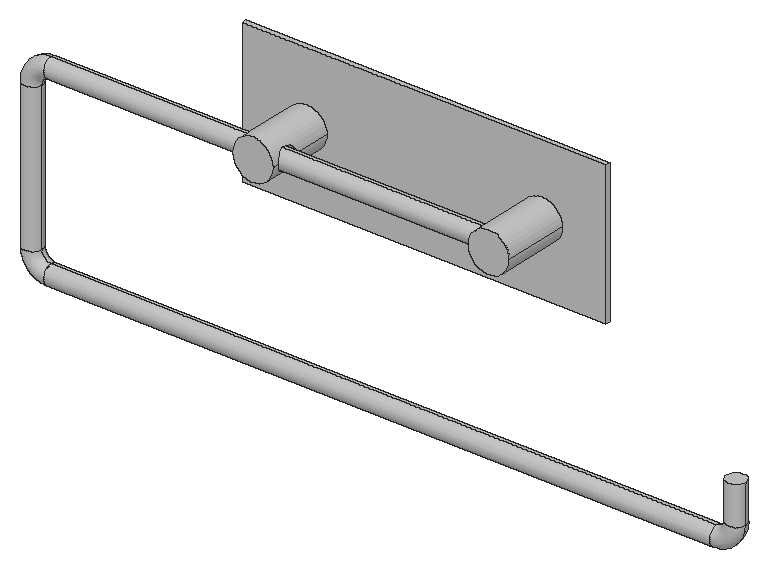
Revit family "T13L", category Generic Models, Revit 2021
Family settings
  Can host rebar = No
  Round Connector Dimension = Use Diameter
  Part Type = Normal
  Work Plane-Based = No
  Always vertical = Yes
  Cut with Voids When Loaded = No
  Shared = No
  Room Calculation Point = No
Parameters (values of type "Standard")
  e-mail = "info@vola.com"
  URL = "http://vola.com"
  Telephone = "+45 7023 5500"
  Quality management standard = "ISO 9001"
  Organisation no. / DUNS no. = "17531328"
  Occupational health and safety management standard = "ISO 18001"
  Mounting Instructions = "http://vola.com/service/producturl.ashx?name=T13L"
  Model = "T13L"
  Materials and components information = "http://vola.com/service/producturl.ashx?name=T13L"
  Manufacturer = "VOLA A/S"
  Maintenance Instructions = "http://vola.com/service/producturl.ashx?name=T13L"
  Guarantee = "2 years"
  Environmental management standard = "ISO 14000"
  Default Elevation = 0.0000 mm
  Connection - All relevant connections = ""
  Approvals = "http://vola.com/service/producturl.ashx?name=T13L"
Reference planes
  plane 1 "Center (Front/Back)": y = 0
  plane 2: z = 0
  plane 3 "Center (Left/Right)": x = 0
  plane 4 "Sweep": y = -23
Forms (mm)
  Extrusion 1, solid, material "Stainless Steel"
    sketch origin (0, 0, 0) x (1, 0, 0) y (0, 0, 1)
      loop
        line (76.5, -30) -> (76.5, 30) -> (-76.5, 30) -> (-76.5, -30) -> (76.5, -30)
    from 0 to 2
  Extrusion 2, solid, material "Stainless Steel"
    sketch origin (0, -2, 0) x (1, 0, 0) y (0, 0, 1)
      loop
        circle (49.5, 0) r 8.5
      loop
        circle (-49.5, 0) r 8.5
    from 0 to 28
  Sweep 3, solid, material "Stainless Steel"
    path origin (0, -23, 0) x (0, 0, -1) y (-1, 0, 0)
      loop
        line (0, -50) -> (0, 140)
        arc (0, 140) -> (2.343, 145.657) -> (8, 148) r 8
        line (8, 148) -> (70, 148)
        arc (70, 148) -> (75.657, 145.657) -> (78, 140) r 8
        line (78, 140) -> (78, -140)
        arc (78, -140) -> (75.657, -145.657) -> (70, -148) r 8
        line (70, -148) -> (54, -148)
    profile origin (-45, -23, 0) x (0, 0, 1) y (0, 1, 0)
      loop
        circle (0, 0) r 4
  Extrusion 4, void
    sketch origin (0, 0, 0) x (0, 1, 0) y (0, 0, 1)
      loop
        circle (-23, 0) r 4.75
    from -67.509 to 51.886
Cuts and joins
  Extrusion 4 cuts Extrusion 2
Dimensions and locks
  aligned and locked: plane 2 to level
